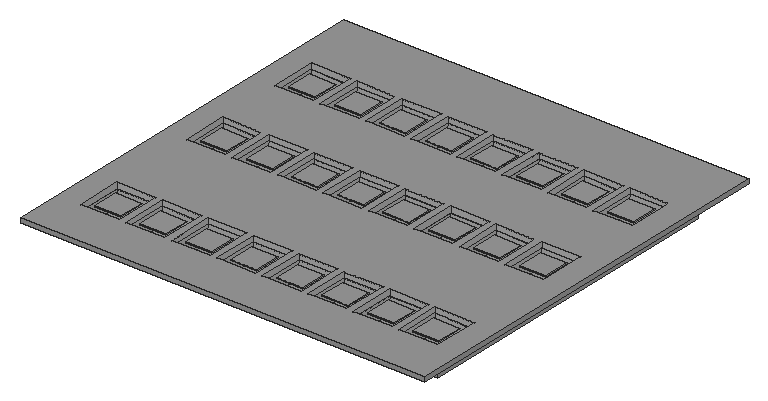
Revit family "2023652", category Lighting Fixtures, host Face, Revit 2018
Family settings
  Host = Face
  Round Connector Dimension = Use Diameter
  Part Type = Normal
  OmniClass Number = 23.80.70.00
  OmniClass Title = Lighting
  Cut with Voids When Loaded = No
  Light Source = Yes
  Shared = No
  Room Calculation Point = No
Parameters (values of type "2023652 OPTIX R 625 3L TW WHT DA")
  Weight = "n/a"
  Wattage Comments = ""
  Wattage = 9.2903 W
  WarrantyStartDate [instance] = "n/a"
  WarrantyGuarantorParts = "n/a"
  WarrantyDurationUnit = "n/a"
  WarrantyDurationParts = ""
  WarrantyDescription = "http://www.sylvania-lighting.com"
  built-in parameter 1150110 = 1 (stored number, unit not read)
  Voltage = 0 V
  URL = "0.97"
  TypeName = "OPTIX RECESSED 625 3L TW WHT DALI"
  Type Image = <None>
  Type Comments = "n/a"
  built-in parameter 1114217 = 1 (stored number, unit not read)
  Tilt Angle = -90.00°
  built-in parameter 1150109 = 1 (stored number, unit not read)
  built-in parameter 1150134 = 3
  built-in parameter 1150113 = 1 (stored number, unit not read)
  SerialNumber [instance] = "n/a"
  Photometric Web File = "2023652.ies"
  Material_3_SYL = none
  PowerFactor = 0
  PowerConsumption = "Lighting"
  NominalLength = 621 mm
  NominalHeight = 38 mm
  NominalDepth = 620 mm
  Name = "OPTIX RECESSED 625 3L TW WHT DALI"
  ModelReference = Name  # "OPTIX RECESSED 625 3L TW WHT DALI"
  ModelNumber = "2023652"
  Model = Name  # "OPTIX RECESSED 625 3L TW WHT DALI"
  Material = "Feilo Sylvania"
  ManufacturerName = "120 lm/W"
  Manufacturer = ""
  LuminousEfficacy = ""
  built-in parameter 1150105 = 109.82 (stored number, unit not read)
  Lumens = 1380 lm
  LuminaireType = "0"
  built-in parameter 1150115 = 1 (stored number, unit not read)
  LightOutputRatio = "LED"
  built-in parameter 1150137 = (empty or 0)
  built-in parameter 1150139 = (empty or 0)
  LampsType = Lamp  # "n/a"
  LampNominalLuminous = "3000 K"
  LampMacAdamStep = "80"
  LampColourTemperature = "LED"
  LampColourRenderingIndex = "16500"
  built-in parameter 1150112 = 1 (stored number, unit not read)
  built-in parameter 1150114 = 1 (stored number, unit not read)
  Lamp = "n/a"
  Keynote = "n/a"
  InstallationDate [instance] = "n/a"
  InputVoltage = "0"
  InputNominalFrequency = "3000"
  built-in parameter 1150132 = (empty or 0)
  built-in parameter 1150102 = (empty or 0)
  built-in parameter 1150107 = 3200 (stored number, unit not read)
  built-in parameter 1150138 = (empty or 0)
  IngressProtection = "IfcLightFixtureType"
  ImpactProtectionIndex = "IfcLightFixtureType"
  built-in parameter 1150106 = 1.0982 (stored number, unit not read)
  IfcExportType = "IfcLightFixtureType"
  IfcExportAs = "Class I"
  Emit from Circle Diameter = 609.6 mm
  Emit Shape Visible in Rendering = no
  ElectricShockClassification = "120"
  built-in parameter 1150104 = 13.8 (stored number, unit not read)
  DocumentationLiterature = "http://www.sylvania-lighting.com/product/en-int/products/2023652"
  DimmingControlOptions = "n/a"
  Material_2_SYL = none
  Dimming Lamp Color Temperature Shift = <None>
  Description = "OPTIX RECESSED 625x625 3L TW WHT DALI is a high efficacy low glare luminaire for office and education applications. Ceiling recessed 625x625 mm. White plastic low glare optics in 3 lines configuration. White RAL9016 fixture body. DALI DT8 controlled tunable white light engine, CRI>80, chromaticity tolerance of 3-step MacAdam ellipse. Luminous flux 3450lm. Power consumption 24W. Luminaire efficacy 144lm/W. Lifespan: 48,500 hours L90B10. UGR<19, Luminance at 65°<3000 Cd/m2, IK07, IP20. Photobiological safety risk group 0. Electrical protection Class I. Glow wire test 850°C"
  Default Elevation = 1219.2 mm
  CreatedOn = "13/10/2022"
  CreatedBy = "@sylvania-lighting.com"
  Cost = 0
  Color Filter = 16777215
  built-in parameter 1114216 [instance] = (empty or 0)
  ClassificationValue = "EF_70_80"
  ClassificationName = "Uniclass2015"
  Material_1_SYL = none
  BarCode [instance] = "n/a"
  built-in parameter 1114218 = 1 (stored number, unit not read)
  built-in parameter 1150133 = 10 (stored number, unit not read)
  AssetType = "Fixed"
  AssetIdentifier [instance] = "n/a"
  Assembly Code = "D5020200"
  Apparent Load = 30 VA
  Material_4_SYL = none
Reference planes
  plane 1 "Center (Front/Back)": y = 0
  plane 2: z = 0
  plane 3 "Center (Left/Right)": x = 0
  plane 4: x = -310.5
  plane 5: x = 310.5
  plane 6: y = 310
  plane 7: y = -310
  plane 8: x = -281.5
  plane 9: x = 281.5
  plane 10: y = 250
  plane 11: y = -250
  plane 12: z = -32
  plane 13: z = 6
  plane 14: y = 204
  plane 15: y = -204
  plane 16: y = 134
  plane 17: y = -134
  plane 18: x = -280
  plane 19: x = 280
  plane 20: x = -275.2
  plane 21: x = -215.2
  plane 22: x = -205.4
  plane 23: x = -145.397
  plane 24: x = -135.597
  plane 25: x = -75.597
  plane 26: x = -65.797
  plane 27: x = -5.797
  plane 28: x = 4.003
  plane 29: x = 64.003
  plane 30: x = 73.803
  plane 31: x = 143.603
  plane 32: x = 133.803
  plane 33: x = 203.603
  plane 34: x = 213.403
  plane 35: x = 273.403
  plane 36: y = 149
  plane 37: y = 189
  plane 38: x = -225.2
  plane 39: x = -265.2
  plane 40: y = 169
  plane 41: y = 35
  plane 42: y = -35
  plane 43: x = -275.2
  plane 44: x = -215.2
  plane 45: x = -205.4
  plane 46: x = -145.397
  plane 47: x = -135.597
  plane 48: x = -75.597
  plane 49: x = -65.797
  plane 50: x = -5.797
  plane 51: x = 4.003
  plane 52: x = 64.003
  plane 53: x = 73.803
  plane 54: x = 143.603
  plane 55: x = 133.803
  plane 56: x = 203.603
  plane 57: x = 213.403
  plane 58: x = 273.403
  plane 59: y = -20
  plane 60: y = 20
  plane 61: x = -225.2
  plane 62: x = -265.2
  plane 63: y = 0
  plane 64: x = -275.2
  plane 65: x = -215.2
  plane 66: x = -205.4
  plane 67: x = -145.397
  plane 68: x = -135.597
  plane 69: x = -75.597
  plane 70: x = -65.797
  plane 71: x = -5.797
  plane 72: x = 4.003
  plane 73: x = 64.003
  plane 74: x = 73.803
  plane 75: x = 143.603
  plane 76: x = 133.803
  plane 77: x = 203.603
  plane 78: x = 213.403
  plane 79: x = 273.403
  plane 80: y = -224
  plane 81: y = -184
  plane 82: x = -225.2
  plane 83: x = -265.2
Forms (mm)
  Extrusion 1, solid, material "Aluminum", detail levels medium+fine
    sketch origin (0, 0, 0) x (1, 0, 0) y (0, 1, 0)
      loop
        line (-310.5, 310) -> (-310.5, -310) -> (310.5, -310) -> (310.5, 310) -> (-310.5, 310)
    from 0 to 6
  Extrusion 2, solid, material "Aluminum", detail levels medium+fine
    sketch origin (0, 0, 0) x (1, 0, 0) y (0, 1, 0)
      loop
        line (-281.5, 250) -> (-281.5, -250) -> (281.5, -250) -> (281.5, 250) -> (-281.5, 250)
    from 0 to -32
  Blend 3, void
    base sketch origin (0, 0, 0) x (1, 0, 0) y (0, 1, 0)
      loop
        line (-275.2, 204) -> (-275.2, 134) -> (-215.2, 134) -> (-215.2, 204) -> (-275.2, 204)
    top sketch origin (0, 0, 0) x (1, 0, 0) y (0, 1, 0)
      loop
        line (-265.2, 189) -> (-265.2, 149) -> (-225.2, 149) -> (-225.2, 189) -> (-265.2, 189)
    from 6 to -19
  Blend 4, void
    base sketch origin (69.8, 0, 0) x (1, 0, 0) y (0, 1, 0)
      loop
        line (-275.2, 204) -> (-275.2, 134) -> (-215.2, 134) -> (-215.2, 204) -> (-275.2, 204)
    top sketch origin (69.8, 0, 0) x (1, 0, 0) y (0, 1, 0)
      loop
        line (-265.2, 189) -> (-265.2, 149) -> (-225.2, 149) -> (-225.2, 189) -> (-265.2, 189)
    from 6 to -19
  Blend 5, void
    base sketch origin (139.603, 0, 0) x (1, 0, 0) y (0, 1, 0)
      loop
        line (-275.2, 204) -> (-275.2, 134) -> (-215.2, 134) -> (-215.2, 204) -> (-275.2, 204)
    top sketch origin (139.603, 0, 0) x (1, 0, 0) y (0, 1, 0)
      loop
        line (-265.2, 189) -> (-265.2, 149) -> (-225.2, 149) -> (-225.2, 189) -> (-265.2, 189)
    from 6 to -19
  Blend 6, void
    base sketch origin (209.403, 0, 0) x (1, 0, 0) y (0, 1, 0)
      loop
        line (-275.2, 204) -> (-275.2, 134) -> (-215.2, 134) -> (-215.2, 204) -> (-275.2, 204)
    top sketch origin (209.403, 0, 0) x (1, 0, 0) y (0, 1, 0)
      loop
        line (-265.2, 189) -> (-265.2, 149) -> (-225.2, 149) -> (-225.2, 189) -> (-265.2, 189)
    from 6 to -19
  Blend 7, void
    base sketch origin (279.203, 0, 0) x (1, 0, 0) y (0, 1, 0)
      loop
        line (-275.2, 204) -> (-275.2, 134) -> (-215.2, 134) -> (-215.2, 204) -> (-275.2, 204)
    top sketch origin (279.203, 0, 0) x (1, 0, 0) y (0, 1, 0)
      loop
        line (-265.2, 189) -> (-265.2, 149) -> (-225.2, 149) -> (-225.2, 189) -> (-265.2, 189)
    from 6 to -19
  Blend 8, void
    base sketch origin (349.003, 0, 0) x (1, 0, 0) y (0, 1, 0)
      loop
        line (-275.2, 204) -> (-275.2, 134) -> (-215.2, 134) -> (-215.2, 204) -> (-275.2, 204)
    top sketch origin (349.003, 0, 0) x (1, 0, 0) y (0, 1, 0)
      loop
        line (-265.2, 189) -> (-265.2, 149) -> (-225.2, 149) -> (-225.2, 189) -> (-265.2, 189)
    from 6 to -19
  Blend 9, void
    base sketch origin (418.803, 0, 0) x (1, 0, 0) y (0, 1, 0)
      loop
        line (-275.2, 204) -> (-275.2, 134) -> (-215.2, 134) -> (-215.2, 204) -> (-275.2, 204)
    top sketch origin (418.803, 0, 0) x (1, 0, 0) y (0, 1, 0)
      loop
        line (-265.2, 189) -> (-265.2, 149) -> (-225.2, 149) -> (-225.2, 189) -> (-265.2, 189)
    from 6 to -19
  Blend 10, void
    base sketch origin (488.603, 0, 0) x (1, 0, 0) y (0, 1, 0)
      loop
        line (-275.2, 204) -> (-275.2, 134) -> (-215.2, 134) -> (-215.2, 204) -> (-275.2, 204)
    top sketch origin (488.603, 0, 0) x (1, 0, 0) y (0, 1, 0)
      loop
        line (-265.2, 189) -> (-265.2, 149) -> (-225.2, 149) -> (-225.2, 189) -> (-265.2, 189)
    from 6 to -19
  Extrusion 11, solid, material "Glass, White, High Luminance", detail levels fine
    sketch origin (0, 0, 0) x (1, 0, 0) y (0, 1, 0)
      loop
        line (-265.2, 189) -> (-265.2, 149) -> (-225.2, 149) -> (-225.2, 189) -> (-265.2, 189)
    from 0 to 1
  Extrusion 12, solid, material "Glass, White, High Luminance", detail levels fine
    sketch origin (69.8, 0, 0) x (1, 0, 0) y (0, 1, 0)
      loop
        line (-265.2, 189) -> (-265.2, 149) -> (-225.2, 149) -> (-225.2, 189) -> (-265.2, 189)
    from 0 to 1
  Extrusion 13, solid, material "Glass, White, High Luminance", detail levels fine
    sketch origin (139.603, 0, 0) x (1, 0, 0) y (0, 1, 0)
      loop
        line (-265.2, 189) -> (-265.2, 149) -> (-225.2, 149) -> (-225.2, 189) -> (-265.2, 189)
    from 0 to 1
  Extrusion 14, solid, material "Glass, White, High Luminance", detail levels fine
    sketch origin (209.403, 0, 0) x (1, 0, 0) y (0, 1, 0)
      loop
        line (-265.2, 189) -> (-265.2, 149) -> (-225.2, 149) -> (-225.2, 189) -> (-265.2, 189)
    from 0 to 1
  Extrusion 15, solid, material "Glass, White, High Luminance", detail levels fine
    sketch origin (279.203, 0, 0) x (1, 0, 0) y (0, 1, 0)
      loop
        line (-265.2, 189) -> (-265.2, 149) -> (-225.2, 149) -> (-225.2, 189) -> (-265.2, 189)
    from 0 to 1
  Extrusion 16, solid, material "Glass, White, High Luminance", detail levels fine
    sketch origin (349.003, 0, 0) x (1, 0, 0) y (0, 1, 0)
      loop
        line (-265.2, 189) -> (-265.2, 149) -> (-225.2, 149) -> (-225.2, 189) -> (-265.2, 189)
    from 0 to 1
  Extrusion 17, solid, material "Glass, White, High Luminance", detail levels fine
    sketch origin (418.803, 0, 0) x (1, 0, 0) y (0, 1, 0)
      loop
        line (-265.2, 189) -> (-265.2, 149) -> (-225.2, 149) -> (-225.2, 189) -> (-265.2, 189)
    from 0 to 1
  Extrusion 18, solid, material "Glass, White, High Luminance", detail levels fine
    sketch origin (488.603, 0, 0) x (1, 0, 0) y (0, 1, 0)
      loop
        line (-265.2, 189) -> (-265.2, 149) -> (-225.2, 149) -> (-225.2, 189) -> (-265.2, 189)
    from 0 to 1
  Extrusion 19, solid, material "Glass, White, High Luminance", detail levels fine
    sketch origin (0, -169, 0) x (1, 0, 0) y (0, 1, 0)
      loop
        line (-265.2, 189) -> (-265.2, 149) -> (-225.2, 149) -> (-225.2, 189) -> (-265.2, 189)
    from 0 to 1
  Extrusion 20, solid, material "Glass, White, High Luminance", detail levels fine
    sketch origin (69.8, -169, 0) x (1, 0, 0) y (0, 1, 0)
      loop
        line (-265.2, 189) -> (-265.2, 149) -> (-225.2, 149) -> (-225.2, 189) -> (-265.2, 189)
    from 0 to 1
  Extrusion 21, solid, material "Glass, White, High Luminance", detail levels fine
    sketch origin (139.603, -169, 0) x (1, 0, 0) y (0, 1, 0)
      loop
        line (-265.2, 189) -> (-265.2, 149) -> (-225.2, 149) -> (-225.2, 189) -> (-265.2, 189)
    from 0 to 1
  Extrusion 22, solid, material "Glass, White, High Luminance", detail levels fine
    sketch origin (209.403, -169, 0) x (1, 0, 0) y (0, 1, 0)
      loop
        line (-265.2, 189) -> (-265.2, 149) -> (-225.2, 149) -> (-225.2, 189) -> (-265.2, 189)
    from 0 to 1
  Extrusion 23, solid, material "Glass, White, High Luminance", detail levels fine
    sketch origin (279.203, -169, 0) x (1, 0, 0) y (0, 1, 0)
      loop
        line (-265.2, 189) -> (-265.2, 149) -> (-225.2, 149) -> (-225.2, 189) -> (-265.2, 189)
    from 0 to 1
  Extrusion 24, solid, material "Glass, White, High Luminance", detail levels fine
    sketch origin (349.003, -169, 0) x (1, 0, 0) y (0, 1, 0)
      loop
        line (-265.2, 189) -> (-265.2, 149) -> (-225.2, 149) -> (-225.2, 189) -> (-265.2, 189)
    from 0 to 1
  Extrusion 25, solid, material "Glass, White, High Luminance", detail levels fine
    sketch origin (418.803, -169, 0) x (1, 0, 0) y (0, 1, 0)
      loop
        line (-265.2, 189) -> (-265.2, 149) -> (-225.2, 149) -> (-225.2, 189) -> (-265.2, 189)
    from 0 to 1
  Extrusion 26, solid, material "Glass, White, High Luminance", detail levels fine
    sketch origin (488.603, -169, 0) x (1, 0, 0) y (0, 1, 0)
      loop
        line (-265.2, 189) -> (-265.2, 149) -> (-225.2, 149) -> (-225.2, 189) -> (-265.2, 189)
    from 0 to 1
  Blend 27, void
    base sketch origin (0, -169, 0) x (1, 0, 0) y (0, 1, 0)
      loop
        line (-275.2, 204) -> (-275.2, 134) -> (-215.2, 134) -> (-215.2, 204) -> (-275.2, 204)
    top sketch origin (0, -169, 0) x (1, 0, 0) y (0, 1, 0)
      loop
        line (-265.2, 189) -> (-265.2, 149) -> (-225.2, 149) -> (-225.2, 189) -> (-265.2, 189)
    from 6 to -19
  Blend 28, void
    base sketch origin (69.8, -169, 0) x (1, 0, 0) y (0, 1, 0)
      loop
        line (-275.2, 204) -> (-275.2, 134) -> (-215.2, 134) -> (-215.2, 204) -> (-275.2, 204)
    top sketch origin (69.8, -169, 0) x (1, 0, 0) y (0, 1, 0)
      loop
        line (-265.2, 189) -> (-265.2, 149) -> (-225.2, 149) -> (-225.2, 189) -> (-265.2, 189)
    from 6 to -19
  Blend 29, void
    base sketch origin (139.603, -169, 0) x (1, 0, 0) y (0, 1, 0)
      loop
        line (-275.2, 204) -> (-275.2, 134) -> (-215.2, 134) -> (-215.2, 204) -> (-275.2, 204)
    top sketch origin (139.603, -169, 0) x (1, 0, 0) y (0, 1, 0)
      loop
        line (-265.2, 189) -> (-265.2, 149) -> (-225.2, 149) -> (-225.2, 189) -> (-265.2, 189)
    from 6 to -19
  Blend 30, void
    base sketch origin (209.403, -169, 0) x (1, 0, 0) y (0, 1, 0)
      loop
        line (-275.2, 204) -> (-275.2, 134) -> (-215.2, 134) -> (-215.2, 204) -> (-275.2, 204)
    top sketch origin (209.403, -169, 0) x (1, 0, 0) y (0, 1, 0)
      loop
        line (-265.2, 189) -> (-265.2, 149) -> (-225.2, 149) -> (-225.2, 189) -> (-265.2, 189)
    from 6 to -19
  Blend 31, void
    base sketch origin (279.203, -169, 0) x (1, 0, 0) y (0, 1, 0)
      loop
        line (-275.2, 204) -> (-275.2, 134) -> (-215.2, 134) -> (-215.2, 204) -> (-275.2, 204)
    top sketch origin (279.203, -169, 0) x (1, 0, 0) y (0, 1, 0)
      loop
        line (-265.2, 189) -> (-265.2, 149) -> (-225.2, 149) -> (-225.2, 189) -> (-265.2, 189)
    from 6 to -19
  Blend 32, void
    base sketch origin (349.003, -169, 0) x (1, 0, 0) y (0, 1, 0)
      loop
        line (-275.2, 204) -> (-275.2, 134) -> (-215.2, 134) -> (-215.2, 204) -> (-275.2, 204)
    top sketch origin (349.003, -169, 0) x (1, 0, 0) y (0, 1, 0)
      loop
        line (-265.2, 189) -> (-265.2, 149) -> (-225.2, 149) -> (-225.2, 189) -> (-265.2, 189)
    from 6 to -19
  Blend 33, void
    base sketch origin (418.803, -169, 0) x (1, 0, 0) y (0, 1, 0)
      loop
        line (-275.2, 204) -> (-275.2, 134) -> (-215.2, 134) -> (-215.2, 204) -> (-275.2, 204)
    top sketch origin (418.803, -169, 0) x (1, 0, 0) y (0, 1, 0)
      loop
        line (-265.2, 189) -> (-265.2, 149) -> (-225.2, 149) -> (-225.2, 189) -> (-265.2, 189)
    from 6 to -19
  Blend 34, void
    base sketch origin (488.603, -169, 0) x (1, 0, 0) y (0, 1, 0)
      loop
        line (-275.2, 204) -> (-275.2, 134) -> (-215.2, 134) -> (-215.2, 204) -> (-275.2, 204)
    top sketch origin (488.603, -169, 0) x (1, 0, 0) y (0, 1, 0)
      loop
        line (-265.2, 189) -> (-265.2, 149) -> (-225.2, 149) -> (-225.2, 189) -> (-265.2, 189)
    from 6 to -19
  Extrusion 35, solid, material "Glass, White, High Luminance", detail levels fine
    sketch origin (0, -373, 0) x (1, 0, 0) y (0, 1, 0)
      loop
        line (-265.2, 189) -> (-265.2, 149) -> (-225.2, 149) -> (-225.2, 189) -> (-265.2, 189)
    from 0 to 1
  Extrusion 36, solid, material "Glass, White, High Luminance", detail levels fine
    sketch origin (69.8, -373, 0) x (1, 0, 0) y (0, 1, 0)
      loop
        line (-265.2, 189) -> (-265.2, 149) -> (-225.2, 149) -> (-225.2, 189) -> (-265.2, 189)
    from 0 to 1
  Extrusion 37, solid, material "Glass, White, High Luminance", detail levels fine
    sketch origin (139.603, -373, 0) x (1, 0, 0) y (0, 1, 0)
      loop
        line (-265.2, 189) -> (-265.2, 149) -> (-225.2, 149) -> (-225.2, 189) -> (-265.2, 189)
    from 0 to 1
  Extrusion 38, solid, material "Glass, White, High Luminance", detail levels fine
    sketch origin (209.403, -373, 0) x (1, 0, 0) y (0, 1, 0)
      loop
        line (-265.2, 189) -> (-265.2, 149) -> (-225.2, 149) -> (-225.2, 189) -> (-265.2, 189)
    from 0 to 1
  Extrusion 39, solid, material "Glass, White, High Luminance", detail levels fine
    sketch origin (279.203, -373, 0) x (1, 0, 0) y (0, 1, 0)
      loop
        line (-265.2, 189) -> (-265.2, 149) -> (-225.2, 149) -> (-225.2, 189) -> (-265.2, 189)
    from 0 to 1
  Extrusion 40, solid, material "Glass, White, High Luminance", detail levels fine
    sketch origin (349.003, -373, 0) x (1, 0, 0) y (0, 1, 0)
      loop
        line (-265.2, 189) -> (-265.2, 149) -> (-225.2, 149) -> (-225.2, 189) -> (-265.2, 189)
    from 0 to 1
  Extrusion 41, solid, material "Glass, White, High Luminance", detail levels fine
    sketch origin (418.803, -373, 0) x (1, 0, 0) y (0, 1, 0)
      loop
        line (-265.2, 189) -> (-265.2, 149) -> (-225.2, 149) -> (-225.2, 189) -> (-265.2, 189)
    from 0 to 1
  Extrusion 42, solid, material "Glass, White, High Luminance", detail levels fine
    sketch origin (488.603, -373, 0) x (1, 0, 0) y (0, 1, 0)
      loop
        line (-265.2, 189) -> (-265.2, 149) -> (-225.2, 149) -> (-225.2, 189) -> (-265.2, 189)
    from 0 to 1
  Blend 43, void
    base sketch origin (0, -373, 0) x (1, 0, 0) y (0, 1, 0)
      loop
        line (-275.2, 204) -> (-275.2, 134) -> (-215.2, 134) -> (-215.2, 204) -> (-275.2, 204)
    top sketch origin (0, -373, 0) x (1, 0, 0) y (0, 1, 0)
      loop
        line (-265.2, 189) -> (-265.2, 149) -> (-225.2, 149) -> (-225.2, 189) -> (-265.2, 189)
    from 6 to -19
  Blend 44, void
    base sketch origin (69.8, -373, 0) x (1, 0, 0) y (0, 1, 0)
      loop
        line (-275.2, 204) -> (-275.2, 134) -> (-215.2, 134) -> (-215.2, 204) -> (-275.2, 204)
    top sketch origin (69.8, -373, 0) x (1, 0, 0) y (0, 1, 0)
      loop
        line (-265.2, 189) -> (-265.2, 149) -> (-225.2, 149) -> (-225.2, 189) -> (-265.2, 189)
    from 6 to -19
  Blend 45, void
    base sketch origin (139.603, -373, 0) x (1, 0, 0) y (0, 1, 0)
      loop
        line (-275.2, 204) -> (-275.2, 134) -> (-215.2, 134) -> (-215.2, 204) -> (-275.2, 204)
    top sketch origin (139.603, -373, 0) x (1, 0, 0) y (0, 1, 0)
      loop
        line (-265.2, 189) -> (-265.2, 149) -> (-225.2, 149) -> (-225.2, 189) -> (-265.2, 189)
    from 6 to -19
  Blend 46, void
    base sketch origin (209.403, -373, 0) x (1, 0, 0) y (0, 1, 0)
      loop
        line (-275.2, 204) -> (-275.2, 134) -> (-215.2, 134) -> (-215.2, 204) -> (-275.2, 204)
    top sketch origin (209.403, -373, 0) x (1, 0, 0) y (0, 1, 0)
      loop
        line (-265.2, 189) -> (-265.2, 149) -> (-225.2, 149) -> (-225.2, 189) -> (-265.2, 189)
    from 6 to -19
  Blend 47, void
    base sketch origin (279.203, -373, 0) x (1, 0, 0) y (0, 1, 0)
      loop
        line (-275.2, 204) -> (-275.2, 134) -> (-215.2, 134) -> (-215.2, 204) -> (-275.2, 204)
    top sketch origin (279.203, -373, 0) x (1, 0, 0) y (0, 1, 0)
      loop
        line (-265.2, 189) -> (-265.2, 149) -> (-225.2, 149) -> (-225.2, 189) -> (-265.2, 189)
    from 6 to -19
  Blend 48, void
    base sketch origin (349.003, -373, 0) x (1, 0, 0) y (0, 1, 0)
      loop
        line (-275.2, 204) -> (-275.2, 134) -> (-215.2, 134) -> (-215.2, 204) -> (-275.2, 204)
    top sketch origin (349.003, -373, 0) x (1, 0, 0) y (0, 1, 0)
      loop
        line (-265.2, 189) -> (-265.2, 149) -> (-225.2, 149) -> (-225.2, 189) -> (-265.2, 189)
    from 6 to -19
  Blend 49, void
    base sketch origin (418.803, -373, 0) x (1, 0, 0) y (0, 1, 0)
      loop
        line (-275.2, 204) -> (-275.2, 134) -> (-215.2, 134) -> (-215.2, 204) -> (-275.2, 204)
    top sketch origin (418.803, -373, 0) x (1, 0, 0) y (0, 1, 0)
      loop
        line (-265.2, 189) -> (-265.2, 149) -> (-225.2, 149) -> (-225.2, 189) -> (-265.2, 189)
    from 6 to -19
  Blend 50, void
    base sketch origin (488.603, -373, 0) x (1, 0, 0) y (0, 1, 0)
      loop
        line (-275.2, 204) -> (-275.2, 134) -> (-215.2, 134) -> (-215.2, 204) -> (-275.2, 204)
    top sketch origin (488.603, -373, 0) x (1, 0, 0) y (0, 1, 0)
      loop
        line (-265.2, 189) -> (-265.2, 149) -> (-225.2, 149) -> (-225.2, 189) -> (-265.2, 189)
    from 6 to -19
  Extrusion 51, solid, detail levels coarse
    sketch origin (0, 0, 0) x (1, 0, 0) y (0, 0, 1)
      loop
        line (-310.5, 6) -> (-310.5, -32) -> (310, -32) -> (310, 6) -> (-310.5, 6)
    from -310 to 310
Cuts and joins
  Blend 3, Blend 4, Blend 5, Blend 6, Blend 7, Blend 8, Blend 9, Blend 10, Blend 27, Blend 28, Blend 29, Blend 30, Blend 31, Blend 32, Blend 33, Blend 34, Blend 43, Blend 44, Blend 45, Blend 46, Blend 47, Blend 48, Blend 49, Blend 50 cuts Extrusion 1
  Blend 3, Blend 4, Blend 5, Blend 6, Blend 7, Blend 8, Blend 9, Blend 10, Blend 27, Blend 28, Blend 29, Blend 30, Blend 31, Blend 32, Blend 33, Blend 34, Blend 43, Blend 44, Blend 45, Blend 46, Blend 47, Blend 48, Blend 49, Blend 50 cuts Extrusion 2
  Blend 27 cuts Extrusion 11
  Blend 28 cuts Extrusion 12
  Blend 29 cuts Extrusion 13
  Blend 30 cuts Extrusion 14
  Blend 31 cuts Extrusion 15
  Blend 32 cuts Extrusion 16
  Blend 33 cuts Extrusion 17
  Blend 34 cuts Extrusion 18
  Blend 43 cuts Extrusion 19
  Blend 44 cuts Extrusion 20
  Blend 45 cuts Extrusion 21
  Blend 46 cuts Extrusion 22
  Blend 47 cuts Extrusion 23
  Blend 48 cuts Extrusion 24
  Blend 49 cuts Extrusion 25
  Blend 50 cuts Extrusion 26
Dimensions and locks
  "NominalLength": plane 4 to plane 5
  equal spacing: plane 4, plane 3 "Center (Left/Right)", plane 5
  "NominalDepth": plane 6 to plane 7
  equal spacing: plane 6, plane 1 "Center (Front/Back)", plane 7
  plane 12 to plane 2 = 32 mm
  plane 13 to plane 2 = 6 mm
  "NominalHeight": plane 12 to plane 13
  aligned and locked: plane 2 to host face
  aligned and locked: level to host face
Automatic sketch dimensions
  host sketch curve to host sketch curve = 2438.4 mm  (x2)
  Extrusion 1 sketch curve to plane 4 = 0 mm
  Extrusion 1 sketch curve to plane 5 = 0 mm
  Extrusion 1 sketch curve to plane 7 = 0 mm
  Extrusion 1 sketch curve to plane 6 = 0 mm
  Extrusion 2 sketch curve to plane 8 = 0 mm
  Extrusion 2 sketch curve to plane 9 = 0 mm
  Extrusion 2 sketch curve to plane 11 = 0 mm
  Extrusion 2 sketch curve to plane 10 = 0 mm
  Blend 3 sketch curve to plane 16 = 0 mm
  Blend 3 sketch curve to plane 20 = 0 mm
  Blend 3 sketch curve to plane 21 = 0 mm
  Blend 3 sketch curve to plane 14 = 0 mm
  Blend 3 sketch curve to plane 36 = 0 mm
  Blend 3 sketch curve to plane 39 = 0 mm
  Blend 3 sketch curve to plane 38 = 0 mm
  Blend 3 sketch curve to plane 37 = 0 mm
  Blend 4 sketch curve to plane 16 = 0 mm
  Blend 4 sketch curve to plane 22 = 0 mm
  Blend 4 sketch curve to plane 14 = 0 mm
  Blend 4 sketch curve to plane 23 = 0.003 mm
  Blend 4 sketch curve to plane 36 = 0 mm
  Blend 4 sketch curve to plane 37 = 0 mm
  plane 22 to Blend 4 sketch curve = 10 mm
  Blend 4 sketch curve to plane 23 = 10.003 mm
  Blend 5 sketch curve to plane 16 = 0 mm
  Blend 5 sketch curve to plane 24 = 0 mm
  Blend 5 sketch curve to plane 25 = 0 mm
  Blend 5 sketch curve to plane 14 = 0 mm
  plane 36 to Blend 5 sketch curve = 0 mm
  plane 37 to Blend 5 sketch curve = 0 mm
  plane 24 to Blend 5 sketch curve = 10 mm
  Blend 5 sketch curve to plane 25 = 10 mm
  Blend 6 sketch curve to plane 16 = 0 mm
  Blend 6 sketch curve to plane 26 = 0 mm
  Blend 6 sketch curve to plane 27 = 0 mm
  Blend 6 sketch curve to plane 14 = 0 mm
  plane 36 to Blend 6 sketch curve = 0 mm
  plane 37 to Blend 6 sketch curve = 0 mm
  plane 26 to Blend 6 sketch curve = 10 mm
  Blend 6 sketch curve to plane 27 = 10 mm
  Blend 7 sketch curve to plane 16 = 0 mm
  Blend 7 sketch curve to plane 28 = 0 mm
  Blend 7 sketch curve to plane 29 = 0 mm
  Blend 7 sketch curve to plane 14 = 0 mm
  plane 36 to Blend 7 sketch curve = 0 mm
  plane 37 to Blend 7 sketch curve = 0 mm
  plane 28 to Blend 7 sketch curve = 10 mm
  Blend 7 sketch curve to plane 29 = 10 mm
  Blend 8 sketch curve to plane 16 = 0 mm
  Blend 8 sketch curve to plane 30 = 0 mm
  Blend 8 sketch curve to plane 32 = 0 mm
  Blend 8 sketch curve to plane 14 = 0 mm
  plane 36 to Blend 8 sketch curve = 0 mm
  plane 37 to Blend 8 sketch curve = 0 mm
  plane 30 to Blend 8 sketch curve = 10 mm
  Blend 8 sketch curve to plane 32 = 10 mm
  Blend 9 sketch curve to plane 16 = 0 mm
  Blend 9 sketch curve to plane 31 = 0 mm
  Blend 9 sketch curve to plane 33 = 0 mm
  Blend 9 sketch curve to plane 14 = 0 mm
  plane 36 to Blend 9 sketch curve = 0 mm
  plane 37 to Blend 9 sketch curve = 0 mm
  plane 31 to Blend 9 sketch curve = 10 mm
  Blend 9 sketch curve to plane 33 = 10 mm
  Blend 10 sketch curve to plane 16 = 0 mm
  Blend 10 sketch curve to plane 34 = 0 mm
  Blend 10 sketch curve to plane 35 = 0 mm
  Blend 10 sketch curve to plane 14 = 0 mm
  plane 36 to Blend 10 sketch curve = 0 mm
  plane 37 to Blend 10 sketch curve = 0 mm
  plane 34 to Blend 10 sketch curve = 10 mm
  Blend 10 sketch curve to plane 35 = 10 mm
  Extrusion 11 sketch curve to plane 36 = 0 mm
  Extrusion 11 sketch curve to plane 39 = 0 mm
  Extrusion 11 sketch curve to plane 38 = 0 mm
  Extrusion 11 sketch curve to plane 37 = 0 mm
  Extrusion 12 sketch curve to plane 36 = 0 mm
  Extrusion 12 sketch curve to plane 37 = 0 mm
  plane 22 to Extrusion 12 sketch curve = 10 mm
  Extrusion 12 sketch curve to plane 23 = 10.003 mm
  plane 36 to Extrusion 13 sketch curve = 0 mm
  plane 37 to Extrusion 13 sketch curve = 0 mm
  plane 24 to Extrusion 13 sketch curve = 10 mm
  Extrusion 13 sketch curve to plane 25 = 10 mm
  plane 36 to Extrusion 14 sketch curve = 0 mm
  plane 37 to Extrusion 14 sketch curve = 0 mm
  plane 26 to Extrusion 14 sketch curve = 10 mm
  Extrusion 14 sketch curve to plane 27 = 10 mm
  plane 36 to Extrusion 15 sketch curve = 0 mm
  plane 37 to Extrusion 15 sketch curve = 0 mm
  plane 28 to Extrusion 15 sketch curve = 10 mm
  Extrusion 15 sketch curve to plane 29 = 10 mm
  plane 36 to Extrusion 16 sketch curve = 0 mm
  plane 37 to Extrusion 16 sketch curve = 0 mm
  plane 30 to Extrusion 16 sketch curve = 10 mm
  Extrusion 16 sketch curve to plane 32 = 10 mm
  plane 36 to Extrusion 17 sketch curve = 0 mm
  plane 37 to Extrusion 17 sketch curve = 0 mm
  plane 31 to Extrusion 17 sketch curve = 10 mm
  Extrusion 17 sketch curve to plane 33 = 10 mm
  plane 36 to Extrusion 18 sketch curve = 0 mm
  plane 37 to Extrusion 18 sketch curve = 0 mm
  plane 34 to Extrusion 18 sketch curve = 10 mm
  Extrusion 18 sketch curve to plane 35 = 10 mm
  Extrusion 19 sketch curve to plane 39 = 0 mm
  Extrusion 19 sketch curve to plane 38 = 0 mm
  Extrusion 19 sketch curve to plane 59 = 0 mm
  Extrusion 19 sketch curve to plane 60 = 0 mm
  Extrusion 20 sketch curve to plane 59 = 0 mm
  Extrusion 20 sketch curve to plane 60 = 0 mm
  plane 22 to Extrusion 20 sketch curve = 10 mm
  Extrusion 20 sketch curve to plane 23 = 10.003 mm
  plane 59 to Extrusion 21 sketch curve = 0 mm
  plane 60 to Extrusion 21 sketch curve = 0 mm
  plane 24 to Extrusion 21 sketch curve = 10 mm
  Extrusion 21 sketch curve to plane 25 = 10 mm
  plane 59 to Extrusion 22 sketch curve = 0 mm
  plane 60 to Extrusion 22 sketch curve = 0 mm
  plane 26 to Extrusion 22 sketch curve = 10 mm
  Extrusion 22 sketch curve to plane 27 = 10 mm
  plane 59 to Extrusion 23 sketch curve = 0 mm
  plane 60 to Extrusion 23 sketch curve = 0 mm
  plane 28 to Extrusion 23 sketch curve = 10 mm
  Extrusion 23 sketch curve to plane 29 = 10 mm
  plane 59 to Extrusion 24 sketch curve = 0 mm
  plane 60 to Extrusion 24 sketch curve = 0 mm
  plane 30 to Extrusion 24 sketch curve = 10 mm
  Extrusion 24 sketch curve to plane 32 = 10 mm
  plane 59 to Extrusion 25 sketch curve = 0 mm
  plane 60 to Extrusion 25 sketch curve = 0 mm
  plane 31 to Extrusion 25 sketch curve = 10 mm
  Extrusion 25 sketch curve to plane 33 = 10 mm
  plane 59 to Extrusion 26 sketch curve = 0 mm
  plane 60 to Extrusion 26 sketch curve = 0 mm
  plane 34 to Extrusion 26 sketch curve = 10 mm
  Extrusion 26 sketch curve to plane 35 = 10 mm
  Blend 27 sketch curve to plane 20 = 0 mm
  Blend 27 sketch curve to plane 21 = 0 mm
  Blend 27 sketch curve to plane 42 = 0 mm
  Blend 27 sketch curve to plane 41 = 0 mm
  Blend 27 sketch curve to plane 39 = 0 mm
  Blend 27 sketch curve to plane 38 = 0 mm
  Blend 27 sketch curve to plane 59 = 0 mm
  Blend 27 sketch curve to plane 60 = 0 mm
  Blend 28 sketch curve to plane 22 = 0 mm
  Blend 28 sketch curve to plane 42 = 0 mm
  Blend 28 sketch curve to plane 41 = 0 mm
  Blend 28 sketch curve to plane 23 = 0.003 mm
  Blend 28 sketch curve to plane 59 = 0 mm
  Blend 28 sketch curve to plane 60 = 0 mm
  plane 22 to Blend 28 sketch curve = 10 mm
  Blend 28 sketch curve to plane 23 = 10.003 mm
  Blend 29 sketch curve to plane 24 = 0 mm
  Blend 29 sketch curve to plane 25 = 0 mm
  Blend 29 sketch curve to plane 42 = 0 mm
  Blend 29 sketch curve to plane 41 = 0 mm
  plane 59 to Blend 29 sketch curve = 0 mm
  plane 60 to Blend 29 sketch curve = 0 mm
  plane 24 to Blend 29 sketch curve = 10 mm
  Blend 29 sketch curve to plane 25 = 10 mm
  Blend 30 sketch curve to plane 26 = 0 mm
  Blend 30 sketch curve to plane 27 = 0 mm
  Blend 30 sketch curve to plane 42 = 0 mm
  Blend 30 sketch curve to plane 41 = 0 mm
  plane 59 to Blend 30 sketch curve = 0 mm
  plane 60 to Blend 30 sketch curve = 0 mm
  plane 26 to Blend 30 sketch curve = 10 mm
  Blend 30 sketch curve to plane 27 = 10 mm
  Blend 31 sketch curve to plane 28 = 0 mm
  Blend 31 sketch curve to plane 29 = 0 mm
  Blend 31 sketch curve to plane 42 = 0 mm
  Blend 31 sketch curve to plane 41 = 0 mm
  plane 59 to Blend 31 sketch curve = 0 mm
  plane 60 to Blend 31 sketch curve = 0 mm
  plane 28 to Blend 31 sketch curve = 10 mm
  Blend 31 sketch curve to plane 29 = 10 mm
  Blend 32 sketch curve to plane 30 = 0 mm
  Blend 32 sketch curve to plane 32 = 0 mm
  Blend 32 sketch curve to plane 42 = 0 mm
  Blend 32 sketch curve to plane 41 = 0 mm
  plane 59 to Blend 32 sketch curve = 0 mm
  plane 60 to Blend 32 sketch curve = 0 mm
  plane 30 to Blend 32 sketch curve = 10 mm
  Blend 32 sketch curve to plane 32 = 10 mm
  Blend 33 sketch curve to plane 31 = 0 mm
  Blend 33 sketch curve to plane 33 = 0 mm
  Blend 33 sketch curve to plane 42 = 0 mm
  Blend 33 sketch curve to plane 41 = 0 mm
  plane 59 to Blend 33 sketch curve = 0 mm
  plane 60 to Blend 33 sketch curve = 0 mm
  plane 31 to Blend 33 sketch curve = 10 mm
  Blend 33 sketch curve to plane 33 = 10 mm
  Blend 34 sketch curve to plane 34 = 0 mm
  Blend 34 sketch curve to plane 35 = 0 mm
  Blend 34 sketch curve to plane 42 = 0 mm
  Blend 34 sketch curve to plane 41 = 0 mm
  plane 59 to Blend 34 sketch curve = 0 mm
  plane 60 to Blend 34 sketch curve = 0 mm
  plane 34 to Blend 34 sketch curve = 10 mm
  Blend 34 sketch curve to plane 35 = 10 mm
  Extrusion 35 sketch curve to plane 39 = 0 mm
  Extrusion 35 sketch curve to plane 38 = 0 mm
  Extrusion 35 sketch curve to plane 80 = 0 mm
  Extrusion 35 sketch curve to plane 81 = 0 mm
  Extrusion 36 sketch curve to plane 80 = 0 mm
  Extrusion 36 sketch curve to plane 81 = 0 mm
  plane 22 to Extrusion 36 sketch curve = 10 mm
  Extrusion 36 sketch curve to plane 23 = 10.003 mm
  plane 80 to Extrusion 37 sketch curve = 0 mm
  plane 81 to Extrusion 37 sketch curve = 0 mm
  plane 24 to Extrusion 37 sketch curve = 10 mm
  Extrusion 37 sketch curve to plane 25 = 10 mm
  plane 80 to Extrusion 38 sketch curve = 0 mm
  plane 81 to Extrusion 38 sketch curve = 0 mm
  plane 26 to Extrusion 38 sketch curve = 10 mm
  Extrusion 38 sketch curve to plane 27 = 10 mm
  plane 80 to Extrusion 39 sketch curve = 0 mm
  plane 81 to Extrusion 39 sketch curve = 0 mm
  plane 28 to Extrusion 39 sketch curve = 10 mm
  Extrusion 39 sketch curve to plane 29 = 10 mm
  plane 80 to Extrusion 40 sketch curve = 0 mm
  plane 81 to Extrusion 40 sketch curve = 0 mm
  plane 30 to Extrusion 40 sketch curve = 10 mm
  Extrusion 40 sketch curve to plane 32 = 10 mm
  plane 80 to Extrusion 41 sketch curve = 0 mm
  plane 81 to Extrusion 41 sketch curve = 0 mm
  plane 31 to Extrusion 41 sketch curve = 10 mm
  Extrusion 41 sketch curve to plane 33 = 10 mm
  plane 80 to Extrusion 42 sketch curve = 0 mm
  plane 81 to Extrusion 42 sketch curve = 0 mm
  plane 34 to Extrusion 42 sketch curve = 10 mm
  Extrusion 42 sketch curve to plane 35 = 10 mm
  Blend 43 sketch curve to plane 20 = 0 mm
  Blend 43 sketch curve to plane 21 = 0 mm
  plane 11 to Blend 43 sketch curve = 11 mm
  plane 81 to Blend 43 sketch curve = 15 mm
  Blend 43 sketch curve to plane 39 = 0 mm
  Blend 43 sketch curve to plane 38 = 0 mm
  Blend 43 sketch curve to plane 80 = 0 mm
  Blend 43 sketch curve to plane 81 = 0 mm
  Blend 44 sketch curve to plane 22 = 0 mm
  Blend 44 sketch curve to plane 23 = 0.003 mm
  plane 11 to Blend 44 sketch curve = 11 mm
  plane 81 to Blend 44 sketch curve = 15 mm
  Blend 44 sketch curve to plane 80 = 0 mm
  Blend 44 sketch curve to plane 81 = 0 mm
  plane 22 to Blend 44 sketch curve = 10 mm
  Blend 44 sketch curve to plane 23 = 10.003 mm
  Blend 45 sketch curve to plane 24 = 0 mm
  Blend 45 sketch curve to plane 25 = 0 mm
  plane 11 to Blend 45 sketch curve = 11 mm
  plane 81 to Blend 45 sketch curve = 15 mm
  plane 80 to Blend 45 sketch curve = 0 mm
  plane 81 to Blend 45 sketch curve = 0 mm
  plane 24 to Blend 45 sketch curve = 10 mm
  Blend 45 sketch curve to plane 25 = 10 mm
  Blend 46 sketch curve to plane 26 = 0 mm
  Blend 46 sketch curve to plane 27 = 0 mm
  plane 11 to Blend 46 sketch curve = 11 mm
  plane 81 to Blend 46 sketch curve = 15 mm
  plane 80 to Blend 46 sketch curve = 0 mm
  plane 81 to Blend 46 sketch curve = 0 mm
  plane 26 to Blend 46 sketch curve = 10 mm
  Blend 46 sketch curve to plane 27 = 10 mm
  Blend 47 sketch curve to plane 28 = 0 mm
  Blend 47 sketch curve to plane 29 = 0 mm
  plane 11 to Blend 47 sketch curve = 11 mm
  plane 81 to Blend 47 sketch curve = 15 mm
  plane 80 to Blend 47 sketch curve = 0 mm
  plane 81 to Blend 47 sketch curve = 0 mm
  plane 28 to Blend 47 sketch curve = 10 mm
  Blend 47 sketch curve to plane 29 = 10 mm
  Blend 48 sketch curve to plane 30 = 0 mm
  Blend 48 sketch curve to plane 32 = 0 mm
  plane 11 to Blend 48 sketch curve = 11 mm
  plane 81 to Blend 48 sketch curve = 15 mm
  plane 80 to Blend 48 sketch curve = 0 mm
  plane 81 to Blend 48 sketch curve = 0 mm
  plane 30 to Blend 48 sketch curve = 10 mm
  Blend 48 sketch curve to plane 32 = 10 mm
  Blend 49 sketch curve to plane 31 = 0 mm
  Blend 49 sketch curve to plane 33 = 0 mm
  plane 11 to Blend 49 sketch curve = 11 mm
  plane 81 to Blend 49 sketch curve = 15 mm
  plane 80 to Blend 49 sketch curve = 0 mm
  plane 81 to Blend 49 sketch curve = 0 mm
  plane 31 to Blend 49 sketch curve = 10 mm
  Blend 49 sketch curve to plane 33 = 10 mm
  Blend 50 sketch curve to plane 34 = 0 mm
  Blend 50 sketch curve to plane 35 = 0 mm
  plane 11 to Blend 50 sketch curve = 11 mm
  plane 81 to Blend 50 sketch curve = 15 mm
  plane 80 to Blend 50 sketch curve = 0 mm
  plane 81 to Blend 50 sketch curve = 0 mm
  plane 34 to Blend 50 sketch curve = 10 mm
  Blend 50 sketch curve to plane 35 = 10 mm
  Extrusion 51 sketch curve to plane 4 = 0 mm
  plane 9 to Extrusion 51 sketch curve = 28.5 mm
  Extrusion 51 sketch curve to plane 12 = 0 mm
  plane 13 to Extrusion 51 sketch curve = 0 mm
Connectors
  electrical at (0, 0, 0), driven by "Apparent Load", driven by "PowerFactor", driven by "Voltage"
    settings: index 1, voltage 0 V, apparent load 30 VA, apparent load phase1 0 VA, apparent load phase2 0 VA, apparent load phase3 0 VA, power factor 0, load classification "Lighting", number of poles 1, system type 30, power factor state 1, is connector primary yes, connector utility no, sub classification motor no, connector description ""
